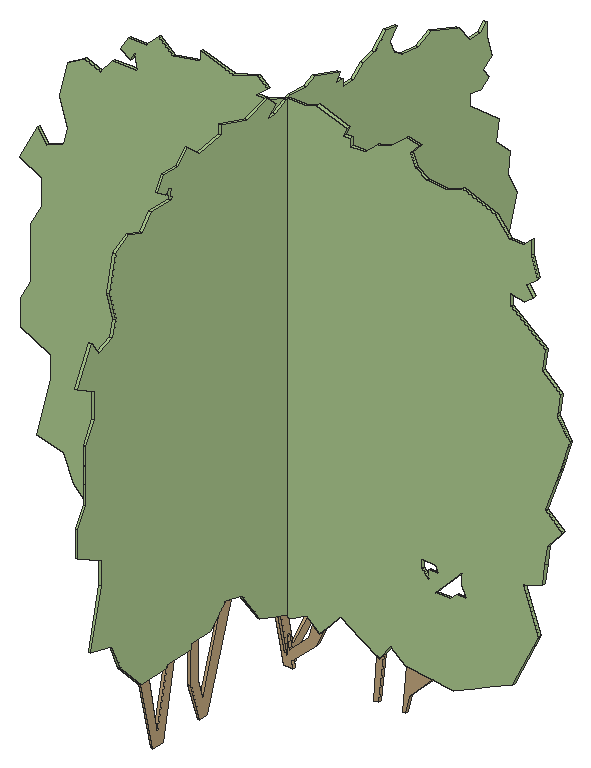
Revit family "L-PL낙엽관목_화살나무", category 수목, Revit 2019
Family settings
  OmniClass 번호 = 23.40.05.00
  OmniClass 제목 = Plants and Planting Products
  작업 기준면 기반 = 아니오
  항상 수직 = 예
  로드될 때 보이드를 사용하여 절단 = 아니오
  렌더 모양 소스 = 패밀리 형상
  공유 = 아니오
Parameters
  높이 = 6000 mm
Reference planes
  plane 1 "중심(앞/뒤)": y = 0
  plane 2: z = 0
  plane 3 "중심(왼쪽/오른쪽)": x = 0
Forms (mm)
  Extrusion 1, solid, material "L-PL낙엽관목_화살나무"
    sketch origin (0, 0, 0) x (1, 0, 0) y (0, 0, 1)
      loop
        line (-297.872, 124.344) -> (-296.449, 130.707) -> (-238.378, 130.707) -> (-238.378, 141.852) -> (-192.196, 141.852) -> (-152.023, 177.547) -> (-114.17, 170.665) -> (-69.428, 110.519) -> (9.756, 83.311) -> (43.569, 100.68) -> (68.317, 77.752) -> (89.417, 100.527) -> (108.698, 121.339) -> (148.597, 97.663) -> (184.731, 76.222) -> (207.148, 104.903) -> (236.259, 82.151) -> (328.336, 70.349) -> (368.591, 88.387) -> (398.135, 101.625) -> (443.007, 121.732) -> (492.328, 221.258) -> (464.132, 302.361) -> (500.748, 315.091) -> (505.353, 351.916) -> (509.958, 384.138) -> (539.123, 417.895) -> (506.888, 447.048) -> (534.518, 525.302) -> (552.017, 579.276) -> (529.09, 617.471) -> (535.777, 656.621) -> (501.06, 687.332) -> (506.914, 724.606) -> (438.313, 777.21) -> (438.313, 798.459) -> (465.38, 793.646) -> (483.755, 807.903) -> (469.908, 825.749) -> (490.249, 841.532) -> (478.723, 879.271) -> (478.723, 906.37) -> (464.484, 892.538) -> (437.179, 892.538) -> (410.432, 925.004) -> (345.473, 947.921) -> (313.949, 934.553) -> (276.694, 939.327) -> (254.723, 951.741) -> (244.067, 974.582) -> (262.092, 993.089) -> (236.778, 998.341) -> (207.164, 973.514) -> (180.417, 965.398) -> (157.198, 945.654) -> (129.656, 945.654) -> (129.656, 959.463) -> (114.663, 959.463) -> (123.101, 974.469) -> (63.874, 993.567) -> (42.858, 984.973) -> (5.125, 986.405) -> (-32.627, 969.845) -> (-54.176, 969.845) -> (-32.608, 987.837) -> (-50.759, 1005.025) -> (-100.433, 989.747) -> (-162.525, 1007.89) -> (-162.525, 991.657) -> (-216.02, 981.153) -> (-243.723, 1004.07) -> (-268.529, 982.104) -> (-301.656, 982.104) -> (-317.175, 957.833) -> (-298.005, 945.576) -> (-289.133, 959.451) -> (-284.179, 931.797) -> (-331.942, 931.797) -> (-354.869, 905.06) -> (-386.392, 916.519) -> (-419.827, 897.421) -> (-434.035, 835.21) -> (-419.827, 782.962) -> (-426.89, 754.616) -> (-460.253, 741.309) -> (-477.561, 766.077) -> (-511.38, 701.539) -> (-469.857, 679.78) -> (-469.857, 630.855) -> (-491.396, 593.976) -> (-491.396, 558.634) -> (-491.396, 527.901) -> (-491.396, 492.559) -> (-509.843, 458.754) -> (-509.843, 408.045) -> (-452.965, 378.849) -> (-452.965, 335.824) -> (-479.098, 231.334) -> (-427.738, 218.489) -> (-406.847, 171.406) -> (-359.486, 122.584) -> (-297.872, 124.344)
      loop
        line (344.514, 280.132) -> (293.389, 229.007) -> (323.389, 229.007) -> (333.996, 239.614) -> (353.996, 239.614) -> (344.514, 260.775) -> (344.514, 280.132)
      loop
        line (293.391, 277.427) -> (279.728, 277.427) -> (265.586, 277.427) -> (265.586, 262.427) -> (279.728, 248.285) -> (279.728, 263.285) -> (299.728, 263.285) -> (293.391, 277.427)
    from 0 to 5
  Extrusion 2, solid, material "L-PL낙엽관목_화살나무2"
    sketch origin (0, 0, 0) x (1, 0, 0) y (0, 0, 1)
      loop
        line (-358.109, 122.624) -> (-329.191, 0) -> (-306.115, 0) -> (-278.425, 130.707) -> (-296.449, 130.707) -> (-320.743, 22.069) -> (-340.003, 123.141) -> (-358.109, 122.624)
      loop
        line (-221.105, 141.852) -> (-238.378, 141.852) -> (-238.378, 68.376) -> (-215.323, 0) -> (-197.978, 0) -> (-141.124, 175.565) -> (-152.023, 177.547) -> (-166.178, 164.97) -> (-208.578, 32.044) -> (-221.105, 71.536) -> (-221.105, 141.852)
      loop
        line (288.459, 75.46) -> (238.194, 81.903) -> (228.878, 0) -> (235.147, 0) -> (243.664, 31.244) -> (288.459, 75.46)
      loop
        line (192.057, 85.596) -> (184.731, 76.222) -> (179.687, 79.215) -> (173.345, 0) -> (182.399, 0) -> (192.057, 85.596)
      loop
        line (78.867, 89.14) -> (68.317, 77.752) -> (55.943, 89.216) -> (47.252, 64.833) -> (10.566, 29.764) -> (-1.813, 87.286) -> (-20.057, 93.555) -> (0, 0) -> (16.971, 0) -> (14.082, 13.427) -> (63.643, 56.644) -> (78.867, 89.14)
    from 0 to 5
  Extrusion 3, solid, material "L-PL낙엽관목_화살나무"
    sketch origin (0, 0, 0) x (0, 1, 0) y (0, 0, 1)
      loop
        line (-297.872, 124.344) -> (-296.449, 130.707) -> (-238.378, 130.707) -> (-238.378, 141.852) -> (-192.196, 141.852) -> (-152.023, 177.547) -> (-114.17, 170.665) -> (-69.428, 110.519) -> (9.756, 83.311) -> (43.569, 100.68) -> (68.317, 77.752) -> (89.417, 100.527) -> (108.698, 121.339) -> (148.597, 97.663) -> (184.731, 76.222) -> (207.148, 104.903) -> (236.259, 82.151) -> (328.336, 70.349) -> (368.591, 88.387) -> (398.135, 101.625) -> (443.007, 121.732) -> (492.328, 221.258) -> (464.132, 302.361) -> (500.748, 315.091) -> (505.353, 351.916) -> (509.958, 384.138) -> (539.123, 417.895) -> (506.888, 447.048) -> (534.518, 525.302) -> (552.017, 579.276) -> (529.09, 617.471) -> (535.777, 656.621) -> (501.06, 687.332) -> (506.914, 724.606) -> (438.313, 777.21) -> (438.313, 798.459) -> (465.38, 793.646) -> (483.755, 807.903) -> (469.908, 825.749) -> (490.249, 841.532) -> (478.723, 879.271) -> (478.723, 906.37) -> (464.484, 892.538) -> (437.179, 892.538) -> (410.432, 925.004) -> (345.473, 947.921) -> (313.949, 934.553) -> (276.694, 939.327) -> (254.723, 951.741) -> (244.067, 974.582) -> (262.092, 993.089) -> (236.778, 998.341) -> (207.164, 973.514) -> (180.417, 965.398) -> (157.198, 945.654) -> (129.656, 945.654) -> (129.656, 959.463) -> (114.663, 959.463) -> (123.101, 974.469) -> (63.874, 993.567) -> (42.858, 984.973) -> (5.125, 986.405) -> (-32.627, 969.845) -> (-54.176, 969.845) -> (-32.608, 987.837) -> (-50.759, 1005.025) -> (-100.433, 989.747) -> (-162.525, 1007.89) -> (-162.525, 991.657) -> (-216.02, 981.153) -> (-243.723, 1004.07) -> (-268.529, 982.104) -> (-301.656, 982.104) -> (-317.175, 957.833) -> (-298.005, 945.576) -> (-289.133, 959.451) -> (-284.179, 931.797) -> (-331.942, 931.797) -> (-354.869, 905.06) -> (-386.392, 916.519) -> (-419.827, 897.421) -> (-434.035, 835.21) -> (-419.827, 782.962) -> (-426.89, 754.616) -> (-460.253, 741.309) -> (-477.561, 766.077) -> (-511.38, 701.539) -> (-469.857, 679.78) -> (-469.857, 630.855) -> (-491.396, 593.976) -> (-491.396, 558.634) -> (-491.396, 527.901) -> (-491.396, 492.559) -> (-509.843, 458.754) -> (-509.843, 408.045) -> (-452.965, 378.849) -> (-452.965, 335.824) -> (-479.098, 231.334) -> (-427.738, 218.489) -> (-406.847, 171.406) -> (-359.486, 122.584) -> (-297.872, 124.344)
      loop
        line (344.514, 280.132) -> (293.389, 229.007) -> (323.389, 229.007) -> (333.996, 239.614) -> (353.996, 239.614) -> (344.514, 260.775) -> (344.514, 280.132)
      loop
        line (293.391, 277.427) -> (279.728, 277.427) -> (265.586, 277.427) -> (265.586, 262.427) -> (279.728, 248.285) -> (279.728, 263.285) -> (299.728, 263.285) -> (293.391, 277.427)
    from 0 to 5
  Extrusion 4, solid, material "L-PL낙엽관목_화살나무2"
    sketch origin (0, 0, 0) x (0, 1, 0) y (0, 0, 1)
      loop
        line (-358.109, 122.624) -> (-329.191, 0) -> (-306.115, 0) -> (-278.425, 130.707) -> (-296.449, 130.707) -> (-320.743, 22.069) -> (-340.003, 123.141) -> (-358.109, 122.624)
      loop
        line (-221.105, 141.852) -> (-238.378, 141.852) -> (-238.378, 68.376) -> (-215.323, 0) -> (-197.978, 0) -> (-141.124, 175.565) -> (-152.023, 177.547) -> (-166.178, 164.97) -> (-208.578, 32.044) -> (-221.105, 71.536) -> (-221.105, 141.852)
      loop
        line (288.459, 75.46) -> (238.194, 81.903) -> (228.878, 0) -> (235.147, 0) -> (243.664, 31.244) -> (288.459, 75.46)
      loop
        line (192.057, 85.596) -> (184.731, 76.222) -> (179.687, 79.215) -> (173.345, 0) -> (182.399, 0) -> (192.057, 85.596)
      loop
        line (78.867, 89.14) -> (68.317, 77.752) -> (55.943, 89.216) -> (47.252, 64.833) -> (10.566, 29.764) -> (-1.813, 87.286) -> (-20.057, 93.555) -> (0, 0) -> (16.971, 0) -> (14.082, 13.427) -> (63.643, 56.644) -> (78.867, 89.14)
    from 0 to 5
Dimensions and locks
  aligned and locked: level to plane 2
